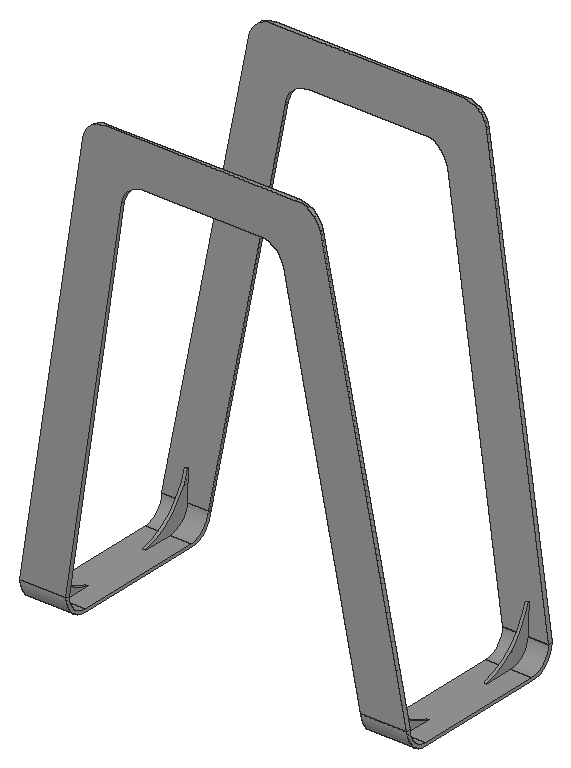
Revit family "17216 Велопарковка «Спорт» Хоббика", category Антураж, Revit 2018
Family settings
  На основе рабочей плоскости = Нет
  Всегда вертикально = Да
  При загрузке вырезать с полостями = Нет
  Источник визуального образа = Геометрия семейства
  Общий = Нет
  Точка расчета площади = Нет
Parameters (values of type "Велопарковка «Спорт»")
  Ширина = 351 mm  # constant formula
  Цвет каркаса = Сталь
  Описание = "Велопарковка «Спорт»"  # constant formula
  Материал изделия = "Сталь"  # constant formula
  Изображение типоразмера = Велопарковка «Спорт» Арт 17216.jpg
  Изготовитель = "ООО «Хоббика»"  # constant formula
  Длина = 640 mm  # constant formula
  Группа модели = "Велопарковки"  # constant formula
  Высота = 780 mm  # constant formula
  Артикул товара = "Арт. 17216"  # constant formula
  URL = "https://hobbyka.ru/product/veloparkovka_sport/"
Reference planes
  plane 1 "По центру (Вперед/Назад)": y = 0
  plane 2: z = 0
  plane 3 "По центру (Влево/Вправо)": x = 0
  plane 4: x = 640
  plane 5: y = 351
  plane 6: z = 780
Forms (mm)
  Extrusion 1, solid, material "Сталь" <- "Цвет каркаса"
    sketch origin (0, 0, 0) x (0, 1, 0) y (0, 0, 1)
      loop
        line (65.866, 0) -> (285.134, 0)
        arc (285.134, 0) -> (312.921, 11.226) -> (325.11, 38.604) r 40
        line (325.11, 38.604) -> (320.106, 38.604)
        arc (320.106, 38.604) -> (309.384, 14.763) -> (285.134, 5) r 35
        line (285.134, 5) -> (65.866, 5)
        arc (65.866, 5) -> (41.553, 14.823) -> (30.887, 38.779) r 35
        line (30.887, 38.779) -> (25.884, 38.779)
        arc (25.884, 38.779) -> (38.017, 11.287) -> (65.866, 0) r 40
    from 0 to 640
  Extrusion 2, void
    sketch origin (0, 0, 0) x (1, 0, 0) y (0, 0, 1)
      loop
        line (0, 38.604) -> (123.039, 746.846)
        arc (123.039, 746.846) -> (136.698, 770.609) -> (162.448, 780) r 40
        line (162.448, 780) -> (0, 780) -> (0, 38.604)
      loop
        line (516.961, 746.846) -> (640, 38.604) -> (640, 780) -> (477.552, 780)
        arc (477.552, 780) -> (503.302, 770.609) -> (516.961, 746.846) r 40
      loop
        line (563.877, 38.604) -> (453.867, 671.846)
        arc (453.867, 671.846) -> (440.208, 695.609) -> (414.458, 705) r 40
        line (414.458, 705) -> (225.542, 705)
        arc (225.542, 705) -> (199.792, 695.609) -> (186.133, 671.846) r 40
        line (186.133, 671.846) -> (76.123, 38.604) -> (563.877, 38.604)
    from 0 to -351
  Extrusion 3, solid, material "Сталь" <- "Цвет каркаса"
    sketch origin (0, 0, 0) x (0, 1, 0) y (0, 0, 1)
      loop
        line (351, 780) -> (345.997, 780) -> (320.107, 38.604) -> (325.11, 38.604) -> (351, 780)
      loop
        line (0, 780) -> (25.89, 38.604) -> (30.893, 38.604) -> (5.003, 780) -> (0, 780)
    from 0 to 640
  Extrusion 4, void
    sketch origin (0, 0, 0) x (1, 0, 0) y (0, 0, 1)
      loop
        line (76.154, 38.779) -> (76.154, -21.221) -> (563.846, -21.221) -> (563.846, 38.779) -> (76.154, 38.779)
    from -368.712 to 250
  Extrusion 5, solid, material "Сталь" <- "Цвет каркаса"
    sketch origin (0, 0, 0) x (0, 1, 0) y (0, 0, 1)
      loop
        line (65.866, 5) -> (114.918, 5)
        arc (114.918, 5) -> (60.081, 34.635) -> (29.142, 88.748) r 113.575
        line (29.142, 88.748) -> (30.887, 38.779)
        arc (30.887, 38.779) -> (41.553, 14.823) -> (65.866, 5) r 35
      loop
        arc (285.134, 5) -> (309.447, 14.823) -> (320.113, 38.779) r 35
        line (320.113, 38.779) -> (321.858, 88.748)
        arc (321.858, 88.748) -> (290.919, 34.635) -> (236.082, 5) r 113.575
        line (236.082, 5) -> (285.134, 5)
    from 35.577 to 40.577
  Extrusion 6, solid, material "Сталь" <- "Цвет каркаса"
    sketch origin (640, 0, 0) x (0, 1, 0) y (0, 0, -1)
      loop
        arc (65.866, -5) -> (41.553, -14.823) -> (30.887, -38.779) r 35
        line (30.887, -38.779) -> (29.142, -88.748)
        arc (29.142, -88.748) -> (60.081, -34.635) -> (114.918, -5) r 113.575
        line (114.918, -5) -> (65.866, -5)
      loop
        line (285.134, -5) -> (236.082, -5)
        arc (236.082, -5) -> (290.919, -34.635) -> (321.858, -88.748) r 113.575
        line (321.858, -88.748) -> (320.113, -38.779)
        arc (320.113, -38.779) -> (309.447, -14.823) -> (285.134, -5) r 35
    from 35.577 to 40.577
Cuts and joins
  Extrusion 4 cuts Extrusion 1
  Extrusion 2 cuts Extrusion 3
Dimensions and locks
  "Длина": plane 4 to plane 3 "По центру (Влево/Вправо)"
  "Ширина": plane 5 to plane 1 "По центру (Вперед/Назад)"
  "Высота": plane 6 to plane 2
  aligned and locked: level to plane 2
Automatic sketch dimensions
  Extrusion 1 sketch curve to Extrusion 1 sketch curve = 0 mm  (x4)
  Extrusion 1 sketch curve to level = 0 mm
  Extrusion 1 sketch curve to plane 1 "По центру (Вперед/Назад)" = 25.884 mm
  Extrusion 1 sketch curve to Extrusion 1 sketch curve = 5.003 mm  (x2)
  Extrusion 1 sketch curve to Extrusion 1 sketch curve = 34.979 mm
  level to Extrusion 1 sketch curve = 40 mm
  Extrusion 1 sketch curve to plane 5 = 65.866 mm
  Extrusion 1 sketch curve to plane 5 = 30.894 mm
  Extrusion 2 sketch curve to plane 3 "По центру (Влево/Вправо)" = 0 mm
  Extrusion 2 sketch curve to plane 6 = 0 mm  (x2)
  Extrusion 2 sketch curve to plane 4 = 0 mm
  Extrusion 2 sketch curve to Extrusion 2 sketch curve = 76.123 mm  (x2)
  Extrusion 2 sketch curve to plane 6 = 33.154 mm  (x2)
  plane 3 "По центру (Влево/Вправо)" to Extrusion 2 sketch curve = 123.039 mm
  Extrusion 2 sketch curve to Extrusion 2 sketch curve = 39.41 mm  (x4)
  Extrusion 2 sketch curve to Extrusion 2 sketch curve = 23.684 mm
  Extrusion 2 sketch curve to plane 6 = 115 mm
  Extrusion 2 sketch curve to Extrusion 2 sketch curve = 188.915 mm
  Extrusion 2 sketch curve to Extrusion 2 sketch curve = 63.094 mm
  Extrusion 2 sketch curve to Extrusion 2 sketch curve = 75 mm
  level to Extrusion 2 sketch curve = 38.604 mm  (x3)
  Extrusion 2 sketch curve to Extrusion 2 sketch curve = 6.846 mm
  Extrusion 3 sketch curve to plane 1 "По центру (Вперед/Назад)" = 0 mm
  Extrusion 3 sketch curve to plane 6 = 0 mm  (x2)
  Extrusion 3 sketch curve to plane 5 = 0 mm
  Extrusion 3 sketch curve to Extrusion 3 sketch curve = 5.003 mm  (x4)
  Extrusion 3 sketch curve to plane 1 "По центру (Вперед/Назад)" = 25.89 mm
  Extrusion 3 sketch curve to plane 5 = 30.893 mm
  level to Extrusion 3 sketch curve = 38.604 mm  (x2)
  Extrusion 4 sketch curve to level = 21.221 mm
  plane 3 "По центру (Влево/Вправо)" to Extrusion 4 sketch curve = 76.154 mm
  Extrusion 4 sketch curve to plane 4 = 76.154 mm
  level to Extrusion 4 sketch curve = 38.779 mm
  Extrusion 5 sketch curve to plane 1 "По центру (Вперед/Назад)" = 29.142 mm
  Extrusion 5 sketch curve to plane 1 "По центру (Вперед/Назад)" = 30.887 mm
  level to Extrusion 5 sketch curve = 5 mm  (x2)
  Extrusion 5 sketch curve to Extrusion 5 sketch curve = 34.979 mm
  Extrusion 5 sketch curve to Extrusion 5 sketch curve = 49.053 mm  (x2)
  Extrusion 5 sketch curve to Extrusion 5 sketch curve = 73.558 mm
  Extrusion 5 sketch curve to Extrusion 5 sketch curve = 72.152 mm
  Extrusion 5 sketch curve to Extrusion 5 sketch curve = 24.506 mm
  Extrusion 5 sketch curve to plane 5 = 30.887 mm
  Extrusion 5 sketch curve to plane 5 = 29.142 mm
  level to Extrusion 5 sketch curve = 38.779 mm  (x2)
  Extrusion 5 sketch curve to Extrusion 5 sketch curve = 49.97 mm  (x2)
  Extrusion 6 sketch curve to plane 1 "По центру (Вперед/Назад)" = 29.142 mm
  Extrusion 6 sketch curve to plane 1 "По центру (Вперед/Назад)" = 30.887 mm
  level to Extrusion 6 sketch curve = 5 mm  (x2)
  Extrusion 6 sketch curve to Extrusion 6 sketch curve = 34.979 mm
  Extrusion 6 sketch curve to Extrusion 6 sketch curve = 49.053 mm  (x2)
  Extrusion 6 sketch curve to Extrusion 6 sketch curve = 73.558 mm
  Extrusion 6 sketch curve to Extrusion 6 sketch curve = 72.152 mm
  Extrusion 6 sketch curve to Extrusion 6 sketch curve = 24.506 mm
  Extrusion 6 sketch curve to plane 5 = 30.887 mm
  Extrusion 6 sketch curve to plane 5 = 29.142 mm
  level to Extrusion 6 sketch curve = 38.779 mm  (x2)
  Extrusion 6 sketch curve to Extrusion 6 sketch curve = 49.97 mm  (x2)
